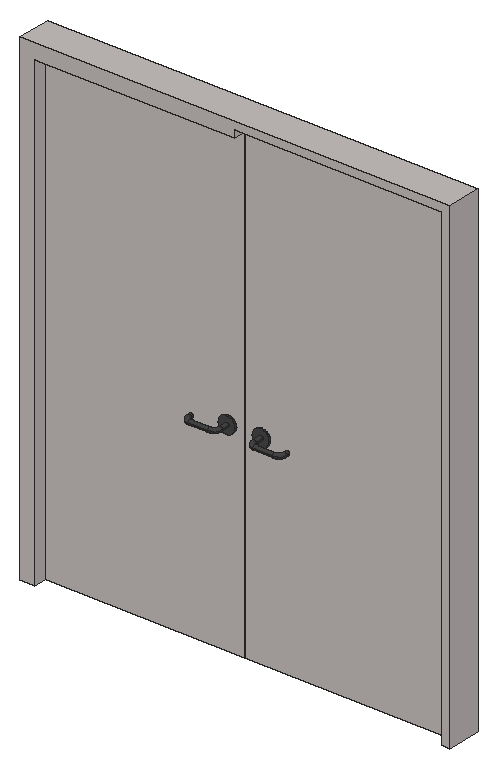
Revit family "Galaxy-Metal-Doors_DoubleEgress", category Doors, host Wall, Revit 2026
Family settings
  Host = Wall
  Classification Number = 23.30.10.14.11
  Always vertical = Yes
  Cut with Voids When Loaded = No
  Shared = No
  Room Calculation Point = No
Parameters (values of type "ByType")
  Wind Load = ""
  Water Penetration = ""
  Stop Depth = 0' - 0 5/8"
  Sound Transmission Class (STC) = 0
  RO Offset = 0' - 0"
  Panel Type [instance] = Door-Panel_Galaxy-Metal-Doors_Flush : Door-Panel_Galaxy-Metal-Doors_Flush
  Panel Height = Height  # 7' - 0"
  Hardware Finish = Metal - Stainless Steel - Galaxy - Brushed
  Handle Type [instance] = Handle_Generic Lever : Handle_Generic Lever
  Handle Height [instance] = 3' - 0"
  Function = Interior
  Frame Width = 0' - 2"
  Frame Thickness = 0' - 6 1/8"
  Frame Finish = Metal - Steel - Galaxy - Primed
  Door Glazing = Glass - Clear - Galaxy - Tempered
  Building Code Conformance = ""
  Air Infiltration = ""
  ASTM Conformance = ""
  Panel Width = Width / 2  # 3' - 0"
  Panel Material = Metal - Steel - Galaxy - Primed
  Manufacturer Phone = "800-294-8199"
  Warranty Duration (Years) = 0
  URL = "galaxymetalproducts.com"
  Thickness = 0' - 1 3/4"
  Test Data = ""
  Specification = "http://www.arcat.com/sd/clients/galaxyme.html?coid=48404"
  SpecWizard = ""
  Send Message = "http://www.arcat.com/arcatcos/cos48/arc48404.html"
  Sales Information = "http://www.arcat.com/arcatcos/cos48/arc48404.html"
  Rough Width = (Width + (RO Offset * 2))  # 6' - 0"
  Rough Height = (Height + (RO Offset))  # 7' - 0"
  R_Value = 0
  Product Properties = ""
  Product Data = "http://www.arcat.com/arcatcos/cos48/arc48404.html"
  Manufacturer Website = "http://galaxymetalproducts.com/"
  Manufacturer Phone - Toll Free = "800-294-8199"
  Manufacturer Fax = ""
  Manufacturer Address = "2960 Woodbridge Ave. Edison, NJ 08837"
  Maintenance Schedule (Months) = 0
  Installation-Fabrication = ""
  Installation Phase = ""
  Green Building-LEED = "http://www.arcat.com/green/clients/leed_data_48404.html"
  Model = "As Specified"
  Manufacturer = "Galaxy Metal Products, LLC"
  Keynote = "08 11 10"
  Height = 7' - 0"
  Wall Closure = By host
  Width = 6' - 0"
  Fire Rating = "As Specified in 08110"
  Expected Lifespan (Years) = 0
  Drawn By = "Sumex Design, Inc. / Robert S. Weygant, CSI, CDT, SCIP"
  Description = "Galaxy Steel Door as Specified"
  Copyright = "©Arcat Inc."
  Construction Details = "http://www.arcat.com/details/galaxyme/prod3845.html"
  Building Codes = ""
  Assembly Code = "B2030220"
  ADA Compliant = yes
  AAMA Designation = ""
Reference planes (in)
  plane 1 "Center (Front/Back)": y = -33.96225
  plane 2 "Center (Left/Right)": x = 62.28704
  plane 3: z = 0
  plane 4 "Right": x = 100.28704
  plane 5 "Left": x = 24.28704
  plane 6 "Closure": y = -35.96225
  plane 7: z = 0
  plane 8 "Top of Frame": z = 86
  plane 9 "RO Top": z = 86
  plane 10 "RO Right": x = 100.28704
  plane 11 "RO Left": x = 24.28704
  plane 12 "Frame Ext": y = -30.89975
  plane 13 "Frame Int": y = -37.02475
  plane 14: x = 98.28704
  plane 15: z = 84
  plane 16: x = 26.28704
  plane 17: y = -33.08725
  plane 18: z = 36
  plane 19: y = -34.83725
Forms (in)
  Sweep 1, solid, material "Metal - Steel - Galaxy - Primed" <- "Frame Finish"
    path origin (0, -33.96225, 0) x (1, 0, 0) y (0, 0, 1)
      loop
        line (62.28704, 86) -> (24.28704, 86) -> (24.28704, 0)
    profile "P_Frame_DoubleEgress : P_Frame_DoubleEgress" origin (24.28704, -33.96225, 43) x (1, 0, 0) y (0, -1, 0)
      loop
        line (0, -3.0625) -> (1.375, -3.0625) -> (1.375, -0.875) -> (2, -0.875) -> (2, 0.875) -> (2.625, 0.875) -> (2.625, 3.0625) -> (0, 3.0625) -> (0, -3.0625)
  Sweep 2, solid, material "Metal - Steel - Galaxy - Primed" <- "Frame Finish"
    path origin (0, -33.96225, 0) x (1, 0, 0) y (0, 0, 1)
      loop
        line (100.28704, 0) -> (100.28704, 86) -> (62.28704, 86)
    profile "P_Frame_DoubleEgress : P_Frame_DoubleEgress" origin (100.28704, -33.96225, 43) x (-1, 0, 0) y (0, -1, 0)
      loop
        line (0, 3.0625) -> (0, -3.0625) -> (2.625, -3.0625) -> (2.625, -0.875) -> (2, -0.875) -> (2, 0.875) -> (1.375, 0.875) -> (1.375, 3.0625) -> (0, 3.0625)
Cuts and joins
  joined: Sweep 1, Sweep 2
Lines and regions (in)
  Opening 1
    outline origin (-109.33485, -35.96225, 0) x (1, 0, 0) y (0, 0, 1)
      loop
        line (133.62189, 0) -> (209.62189, 0) -> (209.62189, 86) -> (133.62189, 86) -> (133.62189, 0)
Text (in)
  text "Exterior" at (10.57594, -7.14554, 0), in view "A101 - Plan View"
  text "Interior" at (10.57594, -59.60024, 0), in view "A101 - Plan View"
  text "Exterior" at (0, -17.98638, 123.01588), in view "Right"
  text "Interior" at (0, -64.39139, 123.01588), in view "Right"
  text "Interior" at (0, -52.09468, 121.14095), in view "Left"
  text "Exterior" at (0, 26.35325, 123.00693), in view "Left"
Dimensions and locks (in)
  equal spacing: plane 4 "Right", plane 2 "Center (Left/Right)", plane 5 "Left"
  "RO Offset": plane 5 "Left" to plane 11 "RO Left"
  "RO Offset": plane 10 "RO Right" to plane 4 "Right"
  "RO Offset": plane 9 "RO Top" to plane 8 "Top of Frame"
  "Frame Thickness": plane 12 "Frame Ext" to plane 13 "Frame Int"
  equal spacing: plane 12 "Frame Ext", plane 1 "Center (Front/Back)", plane 13 "Frame Int"
  "Frame Width": plane 5 "Left" to plane 16
  "Frame Width": plane 14 to plane 4 "Right"
  "Frame Width": plane 15 to plane 8 "Top of Frame"
  "Width": plane 16 to plane 14
  "Height": level to plane 15
  "Handle Height": level to plane 18
  locked: plane 2 "Center (Left/Right)" to nested 1 at 3
  locked: plane 2 "Center (Left/Right)" to nested 2 at 3
  locked: plane 2 "Center (Left/Right)" to nested 5 at 3
  locked: plane 2 "Center (Left/Right)" to nested 4 at 3
  equal spacing: plane 17, plane 1 "Center (Front/Back)", plane 19
  "Thickness": plane 17 to plane 19
  aligned and locked: host wall to plane 1 "Center (Front/Back)"
  aligned and locked: host wall to plane 6 "Closure"
  aligned and locked: nested 1 to plane 18
  aligned and locked: plane 18 to nested 2
  aligned and locked: nested 3 to plane 16
  aligned and locked: plane 18 to nested 4
  aligned and locked: nested 5 to plane 18
  aligned and locked: nested 3 to plane 17
  aligned and locked: plane 14 to nested 6
  aligned and locked: plane 19 to nested 6
Automatic sketch dimensions
  Opening 1 sketch curve to plane 9 "RO Top" = 0' - 0"
  Opening 1 sketch curve to plane 11 "RO Left" = 0' - 0"
  Opening 1 sketch curve to plane 10 "RO Right" = 0' - 0"
  Opening 1 sketch curve to level = 0' - 0"
  Sweep 1 sketch curve to plane 5 "Left" = 0' - 0"
  Sweep 1 sketch curve to level = 0' - 0"
  Sweep 2 sketch curve to level = 0' - 0"
  Sweep 1 sketch curve to plane 2 "Center (Left/Right)" = 0' - 0"
  Sweep 1 sketch curve to plane 8 "Top of Frame" = 0' - 0"
  Sweep 2 sketch curve to plane 8 "Top of Frame" = 0' - 0"
  Sweep 2 sketch curve to plane 2 "Center (Left/Right)" = 0' - 0"
  Sweep 2 sketch curve to plane 4 "Right" = 0' - 0"
Nested families (in)
  nested 1: "Handle_Generic Lever" at (65.28704, -33.08725, 36) x (-1, 0, 0) z (0, 1, 0), type <- "Handle Type", Material <- "Hardware Finish", type "Handle_Generic Lever"
    with Material Metal - Stainless Steel - Galaxy - Brushed
  nested 2: "Handle_Generic Lever" at (65.28704, -34.83725, 36) x (-1, 0, 0) z (0, -1, 0), type <- "Handle Type", Material <- "Hardware Finish", type "Handle_Generic Lever"
    with Material Metal - Stainless Steel - Galaxy - Brushed
  nested 3: "Door-Panel_Galaxy-Metal-Doors_Flush" at (44.28704, -33.96225, 0) x (-1, 0, 0) z (0, 0, 1), Panel Material <- "Panel Material", Width <- "Panel Width", Thickness <- "Thickness", Height <- "Panel Height", Door Glazing <- "Door Glazing", type <- "Panel Type", type "Door-Panel_Galaxy-Metal-Doors_Flush"
    with Width 3' - 0", Thickness 0' - 1 3/4", Panel Material Metal - Steel - Galaxy - Primed, Height 7' - 0", Door Glazing Glass - Clear - Galaxy - Tempered
  nested 4: "Handle_Generic Lever" at (59.28704, -33.08725, 36) x (1, 0, 0) z (0, 1, 0), type <- "Handle Type", Material <- "Hardware Finish", type "Handle_Generic Lever"
    with Material Metal - Stainless Steel - Galaxy - Brushed
  nested 5: "Handle_Generic Lever" at (59.28704, -34.83725, 36) x (1, 0, 0) z (0, -1, 0), type <- "Handle Type", Material <- "Hardware Finish", type "Handle_Generic Lever"
    with Material Metal - Stainless Steel - Galaxy - Brushed
  nested 6: "Door-Panel_Galaxy-Metal-Doors_Flush" at (80.28704, -33.96225, 0), Panel Material <- "Panel Material", Width <- "Panel Width", Thickness <- "Thickness", Height <- "Panel Height", Door Glazing <- "Door Glazing", type <- "Panel Type", type "Door-Panel_Galaxy-Metal-Doors_Flush"
    with Width 3' - 0", Thickness 0' - 1 3/4", Panel Material Metal - Steel - Galaxy - Primed, Height 7' - 0", Door Glazing Glass - Clear - Galaxy - Tempered
Definition of nested family "Handle_Generic Lever"
  Parameters
    Material [instance] = none
    Default Elevation = 4' - 0"
  Reference planes (in)
    plane 1 "Center (Front/Back)": y = 0
    plane 2: z = 0
    plane 3 "Center (Left/Right)": x = 0
  Forms (in)
    Sweep 1, solid, material <- "Material"
      path origin (0, 0, 0) x (1, 0, 0) y (0, 0, 1)
        loop
          line (0, 0) -> (0, 1.76511)
          arc (0, 1.76511) -> (-0.29289, 2.47221) -> (-1, 2.76511) r 1
          line (-1, 2.76511) -> (-4.5, 2.76511)
          arc (-4.5, 2.76511) -> (-5.20711, 2.47221) -> (-5.5, 1.76511) r 1
          line (-5.5, 1.76511) -> (-5.5, 1.26511)
      profile origin (0, 0, 0.88255) x (-1, 0, 0) y (0, -1, 0)
        loop
          circle (0, 0) r 0.375
    Extrusion 2, solid, material <- "Material"
      sketch origin (0, 0, 0) x (1, 0, 0) y (0, 1, 0)
        loop
          circle (0, 0) r 1.5
      from 0 to 0.25
  Cuts and joins
    joined: Sweep 1, Extrusion 2
Definition of nested family "Door-Panel_Galaxy-Metal-Doors_Flush"
  Parameters
    offset [instance] = 0' - 0"
    Width [instance] = 3' - 0"
    Warranty Duration (Years) = 0
    URL = "galaxymetalproducts.com"
    Thickness [instance] = 0' - 2"
    Specification = "http://www.arcat.com/sd/clients/galaxyme.html?coid=48404"
    SpecWizard = ""
    Send Message = "http://www.arcat.com/arcatcos/cos48/arc48404.html"
    Sales Information = "http://www.republicdoor.com/contacts.htm"
    Revision = "R1_04-2017"
    Product Properties = ""
    Product Data = "http://www.arcat.com/arcatcos/cos35/arc35153.html?isac=1&r=1"
    Panel Material [instance] = none
    Model = "As Specified"
    Manufacturer Website = "http://galaxymetalproducts.com/"
    Manufacturer Phone - Toll Free = "800-294-8199"
    Manufacturer Phone = "800-294-8199"
    Manufacturer Fax = ""
    Manufacturer Address = "2960 Woodbridge Ave. Edison, NJ 08837"
    Manufacturer = "Galaxy Metal Products, LLC"
    Maintenance Schedule (Months) = 0
    Keynote = ""
    Installation-Fabrication = ""
    Installation Phase = ""
    Height [instance] = 7' - 0"
    Green Building-LEED = "http://www.arcat.com/green/clients/leed_data_48404.html"
    Function = (empty or 0)
    Expected Lifespan (Years) = 0
    Drawn By = "Sumex Design, Inc. / Robert S. Weygant, CSI, CDT, SCIP"
    Door Glazing [instance] = none
    Description = ""
    Copyright = "©Arcat Inc."
    Construction Details = "http://www.arcat.com/details/galaxyme/prod3845.html"
    Assembly Code = ""
  Reference planes (in)
    plane 1 "Center (Front/Back)": y = 0
    plane 2 "Bottom": z = 0
    plane 3 "Center (Left/Right)": x = 0
    plane 4 "Front": y = -1
    plane 5 "Back": y = 1
    plane 6 "Left": x = -18
    plane 7 "Right": x = 18
    plane 8 "Top": z = 84
    plane 9: z = 42
  Forms (in)
    Extrusion 1, solid, material <- "Panel Material"
      sketch origin (-11.94222, 1, 48) x (-1, 0, 0) y (0, 0, 1)
        loop
          line (6.05778, 36) -> (-29.94222, 36) -> (-29.94222, -48) -> (6.05778, -48) -> (6.05778, 36)
      from 0 to -2
  Lines and regions (in)
    symbolic lines
      curve 1: arc (-18, 1, 0) -> (-7.45584, 26.45584, 0) -> (18, 37, 0) r 36
      curve 2: line (18, 1, 0) -> (16, 1, 0)
      curve 3: line (18, 37, 0) -> (18, 1, 0)
      curve 4: line (16, 37, 0) -> (18, 37, 0)
      curve 5: line (16, 1, 0) -> (16, 37, 0)
      curve 6: line (-18, 0, 84) -> (18, 0, 42)
      curve 7: line (18, 0, 42) -> (-18, 0, 0)
  Dimensions and locks (in)
    equal spacing: plane 6 "Left", plane 3 "Center (Left/Right)", plane 7 "Right"
    "Width": plane 6 "Left" to plane 7 "Right"
    equal spacing: plane 5 "Back", plane 1 "Center (Front/Back)", plane 4 "Front"
    "Thickness": plane 5 "Back" to plane 4 "Front"
    "Height": plane 8 "Top" to plane 2 "Bottom"
    "Width": curve 4 to plane 5 "Back"
    "Thickness": curve 5 to plane 7 "Right"
    equal spacing: plane 8 "Top", plane 9, level
    aligned and locked: Extrusion 1 to plane 4 "Front"
    aligned and locked: plane 2 "Bottom" to level
  Automatic sketch dimensions
    Extrusion 1 sketch curve to plane 7 "Right" = 0' - 0"
    Extrusion 1 sketch curve to level = 0' - 0"
    Extrusion 1 sketch curve to plane 6 "Left" = 0' - 0"
    Extrusion 1 sketch curve to plane 8 "Top" = 0' - 0"
    curve 1 to plane 5 "Back" = 0' - 0"
    curve 1 to plane 6 "Left" = 0' - 0"
    curve 5 to plane 5 "Back" = 0' - 0"
    curve 3 to plane 7 "Right" = 0' - 0"
    curve 7 to level = 0' - 0"
    curve 7 to plane 6 "Left" = 0' - 0"
    curve 6 to plane 6 "Left" = 0' - 0"
    curve 6 to plane 7 "Right" = 0' - 0"
    curve 6 to plane 9 = 0' - 0"
    curve 6 to plane 8 "Top" = 0' - 0"
